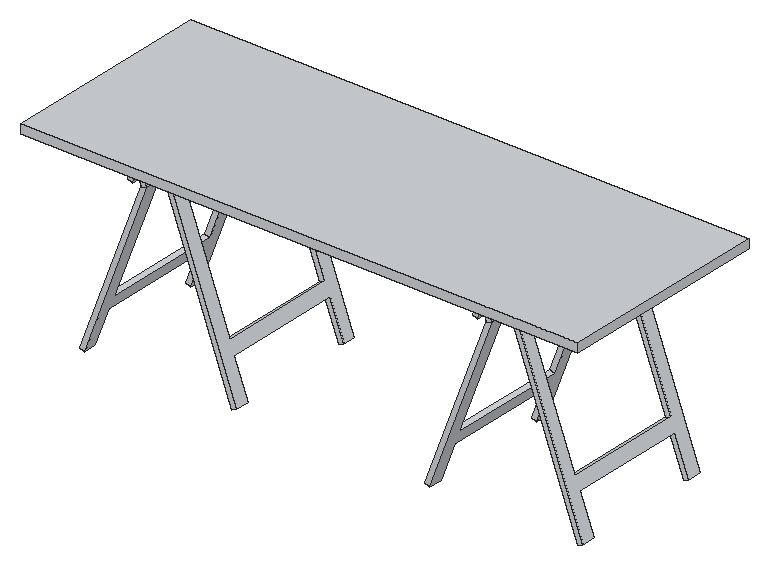
Revit family "Mesa com Cavalete Madeira", category Mobiliário, Revit 2019
Family settings
  Número OmniClass = 23.40.20.00
  Título OmniClass = General Furniture and Specialties
  Com base no plano de trabalho = Não
  Sempre na vertical = Sim
  Corte com vazios quando carregada = Não
  Compartilhado = Não
  Ponto de cálculo do ambiente = Não
Parameters (values of type "210 x 85 x 80")
  Tampo [instance] = none
  Profundidade [instance] = 85 cm
  Off Set Cavalete = 40 cm
  Largura [instance] = 210 cm
  Cavalete [instance] = none
Reference planes (cm)
  plane 1 "Centro (Frente/Trás)": y = 0
  plane 2: z = 0
  plane 3 "Centro (Esquerda/Direita)": x = 0
Forms (cm)
  Extrusion 1, solid, material <- "Tampo"
    sketch origin (0, 5, 0) x (1, 0, 0) y (0, 1, 0)
      loop
        line (0, 0) -> (210, 0) -> (210, 80) -> (0, 80) -> (0, 0)
    from 75.7127 to 79
Dimensions and locks (cm)
  "Profundidade": plane 1 "Centro (Frente/Trás)" to Extrusion 1
  "Largura": plane 3 "Centro (Esquerda/Direita)" to Extrusion 1
  "Off Set Cavalete": Extrusion 1 to nested 1
  "Off Set Cavalete": nested 2 to Extrusion 1
  aligned and locked: level to plane 2
  aligned and locked: Extrusion 1 to nested 1
  aligned and locked: nested 2 to Extrusion 1
Automatic sketch dimensions
  Extrusion 1 sketch curve to plane 3 "Centro (Esquerda/Direita)" = 0 cm
  Extrusion 1 sketch curve to plane 1 "Centro (Frente/Trás)" = 5 cm
  plane 3 "Centro (Esquerda/Direita)" to Extrusion 1 sketch curve = 210 cm
  Extrusion 1 sketch curve to plane 1 "Centro (Frente/Trás)" = 85 cm
Nested families (cm)
  nested 1: "Cavalete Madeira Eucalipto" at (40, 10, 0) x (0, 1, 0) z (0, 0, 1), type "Cavalete Madeira Eucalipto"
  nested 2: "Cavalete Madeira Eucalipto" at (170, 10, 0) x (0, 1, 0) z (0, 0, 1), type "Cavalete Madeira Eucalipto"
Definition of nested family "Cavalete Madeira Eucalipto"
  Parameters
    Cavalete = none
  Reference planes (cm)
    plane 1 "Centro (Frente/Trás)": y = 0
    plane 2: z = 0
    plane 3 "Centro (Esquerda/Direita)": x = 0
  Forms (cm)
    Extrusion 1, solid, material <- "Cavalete"
      sketch origin (0, -27.7904, 0) x (1, 0, 0) y (0, 0.34738, 0.937724)
        loop
          line (10, 0) -> (15, 0) -> (15, 15) -> (60, 15) -> (60, 0) -> (65, 0) -> (65, 75) -> (75, 75) -> (75, 80) -> (0, 80) -> (0, 75) -> (10, 75) -> (10, 0)
        loop
          line (15, 20) -> (60, 20) -> (60, 75) -> (15, 75) -> (15, 20)
      from 0 to 2
    Extrusion 2, solid, material <- "Cavalete"
      sketch origin (0, 27.7904, 0) x (1, 0, 0) y (0, 0.34738, -0.937724)
        loop
          line (10, 0) -> (10, -75) -> (0, -75) -> (0, -80) -> (75, -80) -> (75, -75) -> (65, -75) -> (65, 0) -> (60, 0) -> (60, -15) -> (15, -15) -> (15, 0) -> (10, 0)
        loop
          line (15, -20) -> (15, -75) -> (60, -75) -> (60, -20) -> (15, -20)
      from 0 to 2
  Dimensions and locks (cm)
    aligned and locked: level to plane 2
